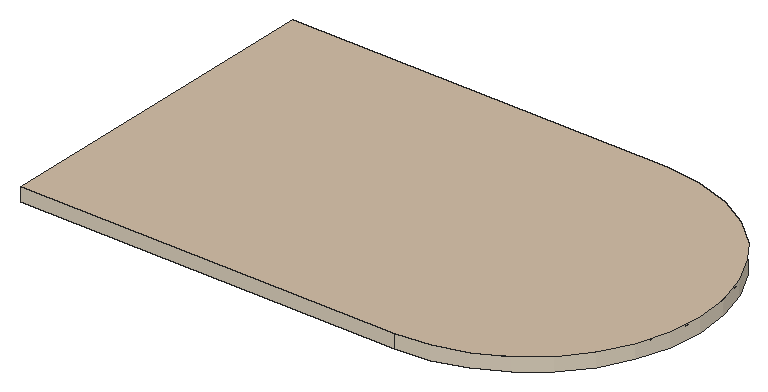
Revit family "M_Sistema de mobiliário-superfície de trabalho-canto redondo", category Sistema de mobiliário, Revit 2019
Family settings
  Cota do conector redondo = Utilizar diâmetro
  Tipo de parte = Normal
  Número OmniClass = 23.40.70.14.64.21
  Título OmniClass = Systems Furniture
  Com base no plano de trabalho = Não
  Sempre na vertical = Sim
  Corte com vazios quando carregada = Não
  Compartilhado = Não
  Ponto de cálculo do ambiente = Não
Parameters (values of type "1200 x 750mm")
  Material da superfície de trabalho [instance] = Laminado plástico – Carvalho branco
  Comentários de tipos = "Superfície de trabalho com extremidade redonda de 1200 x 750 mm"
  Espessura = 30 mm
  Largura = 1200 mm
  Model = ""
  Manufacturer = ""
  Altura = 750 mm
  Material da aresta [instance] = Laminado plástico – Bege – Claro – Suave
  Description = ""
  Linear = 750 mm
Reference planes
  plane 1 "Centro F/T": y = 0
  plane 2: z = 0
  plane 3 "Centro E/D": x = 0
  plane 4 "Parte frontal": y = -750
  plane 5 "Direita": x = 1200
  plane 6 "Superior": z = 750
  plane 7 "Inferior": z = 720
  plane 8: x = 825
  plane 9: x = 450
  plane 10: y = -375
Forms (mm)
  Extrusion 1, solid, material "Laminado plástico – Carvalho branco" <- "Material da superfície de trabalho"
    sketch origin (0, 0, 0) x (1, 0, 0) y (0, 1, 0)
      loop
        line (0, 0) -> (0, -750) -> (825, -750)
        arc (825, -750) -> (1200, -375) -> (825, 0) r 375
        line (825, 0) -> (0, 0)
    from 720 to 750
Lines and regions (mm)
  Masking region 1
    outline origin (0, 0, 0) x (1, 0, 0) y (0, 1, 0)
      loop
        line (0, 0) -> (0, -750) -> (825, -750)
        arc (825, -750) -> (1200, -375) -> (825, 0) r 375
        line (825, 0) -> (0, 0)
Dimensions and locks
  "Largura": plane 3 "Centro E/D" to plane 5 "Direita"
  "Linear": plane 4 "Parte frontal" to plane 1 "Centro F/T"
  "Espessura": plane 6 "Superior" to plane 7 "Inferior"
  "Linear": plane 9 to plane 5 "Direita"
  equal spacing: plane 9, plane 8, plane 5 "Direita"
  equal spacing: plane 4 "Parte frontal", plane 10, plane 1 "Centro F/T"
  "Altura": plane 6 "Superior" to plane 2
  aligned and locked: plane 1 "Centro F/T" to Extrusion 1 sketch curve
  aligned and locked: plane 4 "Parte frontal" to Extrusion 1 sketch curve
  aligned and locked: plane 3 "Centro E/D" to Extrusion 1 sketch curve
  aligned and locked: level to plane 2
  aligned and locked: plane 6 "Superior" to Extrusion 1
  aligned and locked: plane 7 "Inferior" to Extrusion 1
  aligned and locked: plane 3 "Centro E/D" to Masking region 1 sketch curve
  aligned and locked: plane 4 "Parte frontal" to Masking region 1 sketch curve
  aligned and locked: plane 1 "Centro F/T" to Masking region 1 sketch curve
  aligned and locked: plane 8 to Masking region 1 sketch curve  (x3)
  aligned and locked: plane 10 to Masking region 1 sketch curve
  aligned and locked: plane 8 to Extrusion 1 sketch curve  (x2)
Types in the file's own list only (7): name | Comentários de tipos | Largura | Linear
  1500 x 750mm | "Superfície de trabalho com extremidade redonda de 1500 x 750 mm" | 1500 mm | 750 mm
  1650 x 750mm | "Superfície de trabalho com extremidade redonda de 1650 x 750 mm" | 1650 mm | 750 mm
  1800 x 750mm | "Superfície de trabalho com extremidade redonda de 1800 x 750 mm" | 1800 mm | 750 mm
  1200 x 900mm | "Superfície de trabalho com extremidade redonda de 1200 x 900 mm" | 1200 mm | 900 mm
  1500 x 900mm | "Superfície de trabalho com extremidade redonda de 1500 x 900 mm" | 1500 mm | 900 mm
  1650 x 900mm | "Superfície de trabalho com extremidade redonda de 1650 x 900 mm" | 1650 mm | 900 mm
  1800 x 900mm | "Superfície de trabalho com extremidade redonda de 1800 x 900 mm" | 1800 mm | 900 mm
